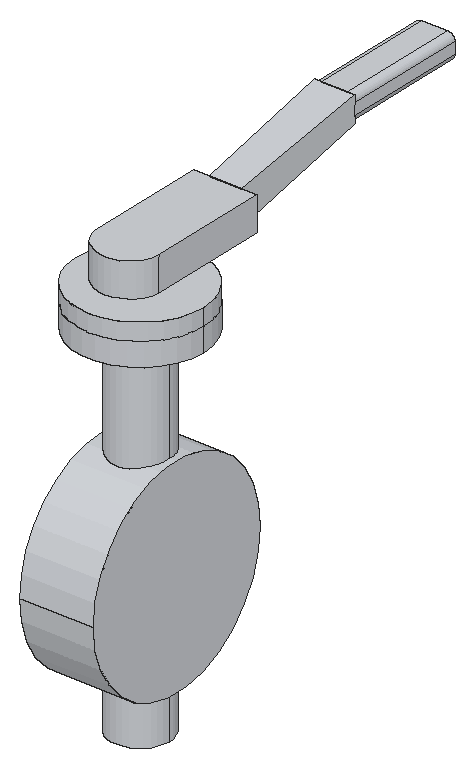
Revit family "HS497-68_disk-nerez_s pákou DN100-RFA_2018", category Pipe Accessories, Revit 2018
Family settings
  Round Connector Dimension = Use Diameter
  Part Type = Valve - Breaks Into
  Work Plane-Based = No
  Always vertical = Yes
  Cut with Voids When Loaded = No
  Shared = No
Parameters (values of type "HS 497-68_DN100_PN16_s pákou")
  magiProductId = "28172f0b3f4b47b28323ac71cf8749"
  magiProductFamilyId = "53cea81e6f374d17b8841d9c72ad77"
  magiPartTypeId = 305
  isMeasuringValve [instance] = no
  ang2D [instance] = 0.00°
  X11 = 61.456 mm
  X1 = 25.456 mm
  W2D = 1000 mm
  VersionID = "2.0/2017.9.26.1/ZETKAMA_497_001"
  Use Minimum Symbol Size [instance] = yes
  URL = "http://www.hydronic.cz"
  Type Comments = "mezipřírubová; nerezový disk; PN16; -10~+110°C (krátkodobě +120°C)"
  SW30 = no
  SW3 = no
  SW21 = no
  SW20 = yes
  SW2 = yes
  SW1 = no
  R = 50 mm
  QmdConnectorList = "301;D;302;D"
  Productdata [instance] = ""
  NC = 50 mm
  Manufacturer = "Hydronic Systems Prague s.r.o."
  MM20 = 25.456 mm
  MC Product Code = "121 100 (nerezový disk, s pákou; DN100; PN16, kvs512)"
  M41 = 66 mm
  M4 = 44 mm
  LHL = 260 mm
  LHH3 = 3 mm
  LHH1 = 57 mm
  LH1 = 86.667 mm
  L4R__ve = -L4R  # -12.8 mm
  L4R = 12.8 mm
  L42__ve = -L42  # -96 mm
  L42 = 96 mm
  L41__ve = -L41  # -19.2 mm
  L41 = 19.2 mm
  L2D_Min = 3048 mm
  L2D = 216 mm
  L2 = 26 mm
  L1 = 41.6 mm
  L = 52 mm
  H = 30 mm
  G22 = 11.25 mm
  G2 = 22.5 mm
  G1 = 90 mm
  G = 90 mm
  F = 11 mm
  E44 = 31.25 mm
  E42 = 62.5 mm
  E4 = 125 mm
  E23 = 6 mm
  E22 = 24 mm
  E21 = 12 mm
  Description = "Mezipřírubová uzavírací klapka s pákou; nerezový disk, DN100; PN16; kvs512"
  DR2 = 50 mm
  DR = 147 mm
  DD1 = 15.625 mm
  DD = 12.5 mm
  D = 100 mm
  CAT0 = yes
  B2__ve = -B2  # -56 mm
  B2 = 56 mm
  A2 = 16.5 mm
  A1 = 98.5 mm
Types (43, lengths in mm): name | magiProductId | X11 | X1 | Type Comments | SW30 | SW3 | SW20 | SW2 | SW1 | R | NC | Manufacturer | MM20 | MC Product Code | M41 | M4 | LHL | LHH3 | LHH1 | LH1 | L4R__ve | L4R | L42__ve | L42 | L41__ve | L41 | L2 | L1 | L | H | G | F | E44 | E42 | E4 | E23 | E22 | E21 | Description | DR2 | DR | DD1 | DD | D | B2__ve | B2 | A2 | A1
  HS 497-68_DN100_PN16_volné vřeteno | "65d1b245f4f142c78569c0602d5754" | 61.456 | 25.456 | "mezipřírubová; nerezový disk; PN16; -10~+110°C (krátkodobě +120°C)" | no | no | no | no | yes | 50 | 50 | "Hydronic Systems Prague s.r.o." | 25.456 | "124 100 (nerezový disk, s volným vřetenem; DN100; PN16, kvs512)" | 66 | 44 | 220 | 2.45 | 46.55 | 73.333 | -12.8 | 12.8 | -96 | 96 | -19.2 | 19.2 | 26 | 41.6 | 52 | 30 | 90 | 11 | 31.25 | 62.5 | 125 | 4.9 | 19.6 | 9.8 | "Mezipřírubová uzavírací klapka s volným vřetenem; nerezový disk, DN100; PN16; kvs512" | 50 | 147 | 15.625 | 12.5 | 100 | -56 | 56 | 16.5 | 98.5
  HS 497-68_DN100_PN16_převodové kolo | "11e91b807e674d428c8e796fcdcfe2" | 61.456 | 25.456 | "mezipřírubová; nerezový disk; PN16; -10~+110°C (krátkodobě +120°C)" | yes | yes | no | no | no | 50 | 50 | "Hydronic Systems Prague s.r.o." | 25.456 | "126 100 (nerezový disk, s převodovým kolem; DN100; PN16, kvs512)" | 65.25 | 43.5 | 220 | 2.45 | 46.55 | 73.333 | -12.8 | 12.8 | -96 | 96 | -19.2 | 19.2 | 26 | 41.6 | 52 | 30 | 90 | 11 | 31.25 | 62.5 | 125 | 4.9 | 19.6 | 9.8 | "Mezipřírubová uzavírací klapka s převodovým kolem; nerezový disk, DN100; PN16; kvs512" | 50 | 147 | 15.625 | 12.5 | 100 | -56 | 56 | 16.5 | 98.5
  HS 497-68_DN100_PN16_s pákou | "28172f0b3f4b47b28323ac71cf8749" | 61.456 | 25.456 | "mezipřírubová; nerezový disk; PN16; -10~+110°C (krátkodobě +120°C)" | no | no | yes | yes | no | 50 | 50 | "Hydronic Systems Prague s.r.o." | 25.456 | "121 100 (nerezový disk, s pákou; DN100; PN16, kvs512)" | 66 | 44 | 260 | 3 | 57 | 86.667 | -12.8 | 12.8 | -96 | 96 | -19.2 | 19.2 | 26 | 41.6 | 52 | 30 | 90 | 11 | 31.25 | 62.5 | 125 | 6 | 24 | 12 | "Mezipřírubová uzavírací klapka s pákou; nerezový disk, DN100; PN16; kvs512" | 50 | 147 | 15.625 | 12.5 | 100 | -56 | 56 | 16.5 | 98.5
  HS 497-68_DN125_PN16_volné vřeteno | "0d813d910fc14f628bb3c2efbd185c" | 61.456 | 25.456 | "mezipřírubová; nerezový disk; PN16; -10~+110°C (krátkodobě +120°C)" | no | no | no | no | yes | 62.5 | 50 | "Hydronic Systems Prague s.r.o." | 25.456 | "124 125 (nerezový disk, s volným vřetenem; DN125; PN16, kvs872)" | 66 | 44 | 220 | 2.45 | 46.55 | 73.333 | -12.8 | 12.8 | -96 | 96 | -19.2 | 19.2 | 28 | 44.8 | 56 | 33 | 90 | 14 | 31.25 | 62.5 | 125 | 4.9 | 19.6 | 9.8 | "Mezipřírubová uzavírací klapka s volným vřetenem; nerezový disk, DN125; PN16; kvs872" | 62.5 | 180 | 15.625 | 12.5 | 125 | -64 | 64 | 18 | 99.5
  HS 497-68_DN125_PN16_převodové kolo | "c56b7c13f372467684996fb1e0e229" | 61.456 | 25.456 | "mezipřírubová; nerezový disk; PN16; -10~+110°C (krátkodobě +120°C)" | yes | yes | no | no | no | 62.5 | 50 | "Hydronic Systems Prague s.r.o." | 25.456 | "126125 (nerezový disk, s převodovým kolem; DN125; PN16, kvs872)" | 65.25 | 43.5 | 220 | 2.45 | 46.55 | 73.333 | -13.5 | 13.5 | -101.25 | 101.25 | -20.25 | 20.25 | 28 | 44.8 | 56 | 33 | 90 | 14 | 40 | 80 | 160 | 4.9 | 19.6 | 9.8 | "Mezipřírubová uzavírací klapka s převodovým kolem; nerezový disk, DN125; PN16; kvs872" | 62.5 | 180 | 20 | 16 | 125 | -64 | 64 | 18 | 99.5
  HS 497-68_DN125_PN16_s pákou | "105993c79a91492399feef7931321a" | 61.456 | 25.456 | "mezipřírubová; nerezový disk; PN16; -10~+110°C (krátkodobě +120°C)" | no | no | yes | yes | no | 62.5 | 50 | "Hydronic Systems Prague s.r.o." | 25.456 | "121 125 (nerezový disk, s pákou; DN125; PN16, kvs872)" | 66 | 44 | 315 | 3.75 | 71.25 | 105 | -12.8 | 12.8 | -96 | 96 | -19.2 | 19.2 | 28 | 44.8 | 56 | 33 | 90 | 14 | 31.25 | 62.5 | 125 | 7.5 | 30 | 15 | "Mezipřírubová uzavírací klapka s pákou; nerezový disk, DN125; PN16; kvs872" | 62.5 | 180 | 15.625 | 12.5 | 125 | -64 | 64 | 18 | 99.5
  HS 497-68_DN150_PN16_volné vřeteno | "50c80cb8ab434f55ab7796e5ac1331" | 61.456 | 25.456 | "mezipřírubová; nerezový disk; PN16; -10~+110°C (krátkodobě +120°C)" | no | no | no | no | yes | 75 | 50 | "Hydronic Systems Prague s.r.o." | 25.456 | "124 150 (nerezový disk, s volným vřetenem; DN150; PN16, kvs1347)" | 66 | 44 | 220 | 2.45 | 46.55 | 73.333 | -12.8 | 12.8 | -96 | 96 | -19.2 | 19.2 | 28 | 44.8 | 56 | 33 | 90 | 14 | 31.25 | 62.5 | 125 | 4.9 | 19.6 | 9.8 | "Mezipřírubová uzavírací klapka s volným vřetenem; nerezový disk, DN150; PN16; kvs1347" | 75 | 206 | 15.625 | 12.5 | 150 | -58 | 58 | 19.3 | 98.7
  HS 497-68_DN150_PN16_převodové kolo | "d94a1a0cf83b476eb10011b327f709" | 61.456 | 25.456 | "mezipřírubová; nerezový disk; PN16; -10~+110°C (krátkodobě +120°C)" | yes | yes | no | no | no | 75 | 50 | "Hydronic Systems Prague s.r.o." | 25.456 | "126 150 (nerezový disk, s převodovým kolem; DN150; PN16, kvs1347)" | 65.25 | 43.5 | 220 | 2.45 | 46.55 | 73.333 | -13.5 | 13.5 | -101.25 | 101.25 | -20.25 | 20.25 | 28 | 44.8 | 56 | 33 | 90 | 14 | 40 | 80 | 160 | 4.9 | 19.6 | 9.8 | "Mezipřírubová uzavírací klapka s převodovým kolem; nerezový disk, DN150; PN16; kvs1347" | 75 | 206 | 20 | 16 | 150 | -58 | 58 | 19.3 | 98.7
  HS 497-68_DN150_PN16_s pákou | "4d2835523fe84828bc50ff0a5a0dfb" | 61.456 | 25.456 | "mezipřírubová; nerezový disk; PN16; -10~+110°C (krátkodobě +120°C)" | no | no | yes | yes | no | 75 | 50 | "Hydronic Systems Prague s.r.o." | 25.456 | "121 150 (nerezový disk, s pákou; DN150; PN16, kvs1347)" | 66 | 44 | 315 | 3.75 | 71.25 | 105 | -12.8 | 12.8 | -96 | 96 | -19.2 | 19.2 | 28 | 44.8 | 56 | 33 | 90 | 14 | 31.25 | 62.5 | 125 | 7.5 | 30 | 15 | "Mezipřírubová uzavírací klapka s pákou; nerezový disk, DN150; PN16; kvs1347" | 75 | 206 | 15.625 | 12.5 | 150 | -58 | 58 | 19.3 | 98.7
  HS 497-68_DN200_PN16_volné vřeteno | "5b29029eaeba47139ee1055a4b9201" | 61.456 | 25.456 | "mezipřírubová; nerezový disk; PN16; -10~+110°C (krátkodobě +120°C)" | no | no | no | no | yes | 100 | 50 | "Hydronic Systems Prague s.r.o." | 25.456 | "124 200 (nerezový disk, s volným vřetenem; DN200; PN16, kvs2675)" | 66 | 44 | 220 | 2.45 | 46.55 | 73.333 | -12.8 | 12.8 | -96 | 96 | -19.2 | 19.2 | 30 | 48 | 60 | 33 | 90 | 17 | 31.25 | 62.5 | 125 | 4.9 | 19.6 | 9.8 | "Mezipřírubová uzavírací klapka s volným vřetenem; nerezový disk, DN200; PN16; kvs2675" | 100 | 257 | 15.625 | 12.5 | 200 | -70 | 70 | 22.5 | 102.5
  HS 497-68_DN200_PN16_převodové kolo | "b2793cc1fcc44cf2a35062cd67c04f" | 61.456 | 25.456 | "mezipřírubová; nerezový disk; PN16; -10~+110°C (krátkodobě +120°C)" | yes | yes | no | no | no | 100 | 57 | "Hydronic Systems Prague s.r.o." | 25.456 | "126 200 (nerezový disk, s převodovým kolem; DN200; PN16, kvs2675)" | 78.75 | 52.5 | 220 | 2.45 | 46.55 | 73.333 | -15.2 | 15.2 | -114 | 114 | -22.8 | 22.8 | 30 | 48 | 60 | 33 | 90 | 17 | 50 | 100 | 200 | 4.9 | 19.6 | 9.8 | "Mezipřírubová uzavírací klapka s převodovým kolem; nerezový disk, DN200; PN16; kvs2675" | 100 | 257 | 25 | 20 | 200 | -70 | 70 | 22.5 | 102.5
  HS 497-68_DN200_PN16_s pákou | "f88d96c7af224537a51e72d7d8fffe" | 61.456 | 25.456 | "mezipřírubová; nerezový disk; PN16; -10~+110°C (krátkodobě +120°C)" | no | no | yes | yes | no | 100 | 50 | "Hydronic Systems Prague s.r.o." | 25.456 | "121 200 (nerezový disk, s pákou; DN200; PN16, kvs2675)" | 66 | 44 | 315 | 3.75 | 71.25 | 105 | -12.8 | 12.8 | -96 | 96 | -19.2 | 19.2 | 30 | 48 | 60 | 33 | 90 | 17 | 31.25 | 62.5 | 125 | 7.5 | 30 | 15 | "Mezipřírubová uzavírací klapka s pákou; nerezový disk, DN200; PN16; kvs2675" | 100 | 257 | 15.625 | 12.5 | 200 | -70 | 70 | 22.5 | 102.5
  HS 497-68_DN250_PN16_volné vřeteno | "b662e8305ca2402b9c510e66e6aa55" | 88.77 | 36.77 | "mezipřírubová; nerezový disk; PN16; -10~+110°C (krátkodobě +120°C)" | no | no | no | no | yes | 125 | 50 | "Hydronic Systems Prague s.r.o." | 36.77 | "124 250 (nerezový disk, s volným vřetenem; DN250; PN16, kvs4555)" | 66 | 44 | 220 | 2.45 | 46.55 | 73.333 | -12.8 | 12.8 | -96 | 96 | -19.2 | 19.2 | 34 | 54.4 | 68 | 23 | 130 | 22 | 31.25 | 62.5 | 125 | 4.9 | 19.6 | 9.8 | "Mezipřírubová uzavírací klapka s volným vřetenem; nerezový disk, DN250; PN16; kvs4555" | 125 | 324 | 15.625 | 12.5 | 250 | -85 | 85 | 28.25 | 129.25
  HS 497-68_DN250_PN16_převodové kolo | "5ee9016806664ddfaa2632711f295c" | 88.77 | 36.77 | "mezipřírubová; nerezový disk; PN16; -10~+110°C (krátkodobě +120°C)" | yes | yes | no | no | no | 125 | 70 | "Hydronic Systems Prague s.r.o." | 36.77 | "126 250 (nerezový disk, s převodovým kolem; DN250; PN16, kvs4555)" | 91.5 | 61 | 220 | 2.45 | 46.55 | 73.333 | -22.2 | 22.2 | -166.5 | 166.5 | -33.3 | 33.3 | 34 | 54.4 | 68 | 23 | 130 | 22 | 62.5 | 125 | 250 | 4.9 | 19.6 | 9.8 | "Mezipřírubová uzavírací klapka s převodovým kolem; nerezový disk, DN250; PN16; kvs4555" | 125 | 324 | 31.25 | 25 | 250 | -85 | 85 | 28.25 | 129.25
  HS 497-68_DN300_PN16_volné vřeteno | "e1886f51ff004380a649519258edf2" | 88.77 | 36.77 | "mezipřírubová; nerezový disk; PN16; -10~+110°C (krátkodobě +120°C)" | no | no | no | no | yes | 150 | 50 | "Hydronic Systems Prague s.r.o." | 36.77 | "124 300 (nerezový disk, s volným vřetenem; DN300; PN16, kvs7037)" | 66 | 44 | 220 | 2.45 | 46.55 | 73.333 | -12.8 | 12.8 | -96 | 96 | -19.2 | 19.2 | 39 | 62.4 | 78 | 23 | 130 | 22 | 31.25 | 62.5 | 125 | 4.9 | 19.6 | 9.8 | "Mezipřírubová uzavírací klapka s volným vřetenem; nerezový disk, DN300; PN16; kvs7037" | 150 | 376 | 15.625 | 12.5 | 300 | -90 | 90 | 30.8 | 127.2
  HS 497-68_DN300_PN16_převodové kolo | "6860f094f77d42088fbebc3c97f755" | 88.77 | 36.77 | "mezipřírubová; nerezový disk; PN16; -10~+110°C (krátkodobě +120°C)" | yes | yes | no | no | no | 150 | 70 | "Hydronic Systems Prague s.r.o." | 36.77 | "126 300 (nerezový disk, s převodovým kolem; DN300; PN16, kvs7037)" | 91.5 | 61 | 220 | 2.45 | 46.55 | 73.333 | -22.2 | 22.2 | -166.5 | 166.5 | -33.3 | 33.3 | 39 | 62.4 | 78 | 23 | 130 | 22 | 62.5 | 125 | 250 | 4.9 | 19.6 | 9.8 | "Mezipřírubová uzavírací klapka s převodovým kolem; nerezový disk, DN300; PN16; kvs7037" | 150 | 376 | 31.25 | 25 | 300 | -90 | 90 | 30.8 | 127.2
  HS 497-68_DN032_PN16_volné vřeteno | "8c5f65de52aa4067a77564107e31b2" | 61.456 | 25.456 | "mezipřírubová; nerezový disk; PN16; -10~+110°C (krátkodobě +120°C)" | no | no | no | no | yes | 16 | 50 | "Hydronic Systems Prague s.r.o." | 25.456 | "124 032 (nerezový disk, s volným vřetenem; DN32; PN16, kvs78)" | 66 | 44 | 220 | 2.45 | 46.55 | 73.333 | -12.8 | 12.8 | -96 | 96 | -19.2 | 19.2 | 16.5 | 26.4 | 33 | 30 | 90 | 11 | 31.25 | 62.5 | 125 | 4.9 | 19.6 | 9.8 | "Mezipřírubová uzavírací klapka s volným vřetenem; nerezový disk, DN32; PN16; kvs78" | 16 | 68 | 15.625 | 12.5 | 32 | -44.2 | 44.2 | 10.25 | 76.25
  HS 497-68_DN032_PN16_převodové kolo | "60aaeffa8b3a4e809ef000e4660060" | 61.456 | 25.456 | "mezipřírubová; nerezový disk; PN16; -10~+110°C (krátkodobě +120°C)" | yes | yes | no | no | no | 16 | 50 | "Hydronic Systems Prague s.r.o." | 25.456 | "126 032 (nerezový disk, s převodovým kolem; DN32; PN16, kvs78)" | 65.25 | 43.5 | 220 | 2.45 | 46.55 | 73.333 | -12.8 | 12.8 | -96 | 96 | -19.2 | 19.2 | 16.5 | 26.4 | 33 | 30 | 90 | 11 | 31.25 | 62.5 | 125 | 4.9 | 19.6 | 9.8 | "Mezipřírubová uzavírací klapka s převodovým kolem; nerezový disk, DN32; PN16; kvs78" | 16 | 68 | 15.625 | 12.5 | 32 | -44.2 | 44.2 | 10.25 | 76.25
  HS 497-68_DN032_PN16_s pákou | "9ad8088d610749a1b871aa2aad8007" | 61.456 | 25.456 | "mezipřírubová; nerezový disk; PN16; -10~+110°C (krátkodobě +120°C)" | no | no | yes | yes | no | 16 | 50 | "Hydronic Systems Prague s.r.o." | 25.456 | "121 032 (nerezový disk, s pákou; DN32; PN16, kvs78)" | 66 | 44 | 220 | 2.45 | 46.55 | 73.333 | -12.8 | 12.8 | -96 | 96 | -19.2 | 19.2 | 16.5 | 26.4 | 33 | 30 | 90 | 11 | 31.25 | 62.5 | 125 | 4.9 | 19.6 | 9.8 | "Mezipřírubová uzavírací klapka s pákou; nerezový disk, DN32; PN16; kvs78" | 16 | 68 | 15.625 | 12.5 | 32 | -44.2 | 44.2 | 10.25 | 76.25
  HS 497-68_DN350_PN10_volné vřeteno | "72a1e05f22944421b7e9596a877137" | 109.255 | 45.255 | "mezipřírubová; nerezový disk; PN10; -10~+110°C (krátkodobě +120°C)" | no | no | no | no | yes | 175 | 50 | "Hydronic Systems Prague s.r.o." | 45.255 | "124 350 (nerezový disk, s volným vřetenem; DN350; PN10, kvs10165)" | 66 | 44 | 220 | 2.45 | 46.55 | 73.333 | -12.8 | 12.8 | -96 | 96 | -19.2 | 19.2 | 39 | 62.4 | 78 | 31 | 160 | 22 | 31.25 | 62.5 | 125 | 4.9 | 19.6 | 9.8 | "Mezipřírubová uzavírací klapka s volným vřetenem; nerezový disk, DN350; PN10; kvs10165" | 175 | 430 | 15.625 | 12.5 | 350 | -88 | 88 | 33.85 | 129.65
  HS 497-68_DN350_PN10_převodové kolo | "a5a01426cb28494ba3afca92f1dace" | 109.255 | 45.255 | "mezipřírubová; nerezový disk; PN10; -10~+110°C (krátkodobě +120°C)" | yes | yes | no | no | no | 175 | 70 | "Hydronic Systems Prague s.r.o." | 45.255 | "126 350 (nerezový disk, s převodovým kolem; DN350; PN10, kvs10165)" | 91.5 | 61 | 220 | 2.45 | 46.55 | 73.333 | -22.2 | 22.2 | -166.5 | 166.5 | -33.3 | 33.3 | 39 | 62.4 | 78 | 31 | 160 | 22 | 62.5 | 125 | 250 | 4.9 | 19.6 | 9.8 | "Mezipřírubová uzavírací klapka s převodovým kolem; nerezový disk, DN350; PN10; kvs10165" | 175 | 430 | 31.25 | 25 | 350 | -88 | 88 | 33.85 | 129.65
  HS 497-68_DN400_PN10_volné vřeteno | "c70ebeb927c04ab99b176e257ad0a7" | 109.255 | 45.255 | "mezipřírubová; nerezový disk; PN10; -10~+110°C (krátkodobě +120°C)" | no | no | no | no | yes | 200 | 50 | "Hydronic Systems Prague s.r.o." | 45.255 | "124 400 (nerezový disk, s volným vřetenem; DN400; PN10, kvs13799)" | 66 | 44 | 220 | 2.45 | 46.55 | 73.333 | -12.8 | 12.8 | -96 | 96 | -19.2 | 19.2 | 51 | 81.6 | 102 | 31 | 160 | 27 | 31.25 | 62.5 | 125 | 4.9 | 19.6 | 9.8 | "Mezipřírubová uzavírací klapka s volným vřetenem; nerezový disk, DN400; PN10; kvs13799" | 200 | 485 | 15.625 | 12.5 | 400 | -108 | 108 | 38 | 142
  HS 497-68_DN400_PN10_převodové kolo | "cc64a4384dcb41b780d81810f4f293" | 109.255 | 45.255 | "mezipřírubová; nerezový disk; PN10; -10~+110°C (krátkodobě +120°C)" | yes | yes | no | no | no | 200 | 72.5 | "Hydronic Systems Prague s.r.o." | 45.255 | "126 400 (nerezový disk, s převodovým kolem; DN400; PN10, kvs13799)" | 103.5 | 69 | 220 | 2.45 | 46.55 | 73.333 | -27.8 | 27.8 | -208.5 | 208.5 | -41.7 | 41.7 | 51 | 81.6 | 102 | 31 | 160 | 27 | 75 | 150 | 300 | 4.9 | 19.6 | 9.8 | "Mezipřírubová uzavírací klapka s převodovým kolem; nerezový disk, DN400; PN10; kvs13799" | 200 | 485 | 37.5 | 30 | 400 | -108 | 108 | 38 | 142
  HS 497-68_DN040_PN16_volné vřeteno | "35f92312390745e88df5b5c325d9ee" | 61.456 | 25.456 | "mezipřírubová; nerezový disk; PN16; -10~+110°C (krátkodobě +120°C)" | no | no | no | no | yes | 20 | 50 | "Hydronic Systems Prague s.r.o." | 25.456 | "124 040 (nerezový disk, s volným vřetenem; DN40; PN16, kvs78)" | 66 | 44 | 220 | 2.45 | 46.55 | 73.333 | -12.8 | 12.8 | -96 | 96 | -19.2 | 19.2 | 16.5 | 26.4 | 33 | 30 | 90 | 11 | 31.25 | 62.5 | 125 | 4.9 | 19.6 | 9.8 | "Mezipřírubová uzavírací klapka s volným vřetenem; nerezový disk, DN40; PN16; kvs78" | 20 | 76 | 15.625 | 12.5 | 40 | -36 | 36 | 11 | 79
  HS 497-68_DN040_PN16_převodové kolo | "d88e968eae3445bc9b7b4e6ff35127" | 61.456 | 25.456 | "mezipřírubová; nerezový disk; PN16; -10~+110°C (krátkodobě +120°C)" | yes | yes | no | no | no | 20 | 50 | "Hydronic Systems Prague s.r.o." | 25.456 | "126 040 (nerezový disk, s převodovým kolem; DN40; PN16, kvs78)" | 65.25 | 43.5 | 220 | 2.45 | 46.55 | 73.333 | -12.8 | 12.8 | -96 | 96 | -19.2 | 19.2 | 16.5 | 26.4 | 33 | 30 | 90 | 11 | 31.25 | 62.5 | 125 | 4.9 | 19.6 | 9.8 | "Mezipřírubová uzavírací klapka s převodovým kolem; nerezový disk, DN40; PN16; kvs78" | 20 | 76 | 15.625 | 12.5 | 40 | -36 | 36 | 11 | 79
  HS 497-68_DN040_PN16_s pákou | "c1b522ca65b4407a98818f232eaacb" | 61.456 | 25.456 | "mezipřírubová; nerezový disk; PN16; -10~+110°C (krátkodobě +120°C)" | no | no | yes | yes | no | 20 | 50 | "Hydronic Systems Prague s.r.o." | 25.456 | "121 040 (nerezový disk, s pákou; DN40; PN16, kvs78)" | 66 | 44 | 220 | 2.45 | 46.55 | 73.333 | -12.8 | 12.8 | -96 | 96 | -19.2 | 19.2 | 16.5 | 26.4 | 33 | 30 | 90 | 11 | 31.25 | 62.5 | 125 | 4.9 | 19.6 | 9.8 | "Mezipřírubová uzavírací klapka s pákou; nerezový disk, DN40; PN16; kvs78" | 20 | 76 | 15.625 | 12.5 | 40 | -36 | 36 | 11 | 79
  HS 497-68_DN450_PN10_volné vřeteno | "a8358bc282f14872b3194e530e590a" | 129.74 | 53.74 | "mezipřírubová; nerezový disk; PN10; -10~+110°C (krátkodobě +120°C)" | no | no | no | no | yes | 225 | 50 | "Hydronic Systems Prague s.r.o." | 53.74 | "124 450 (nerezový disk, s volným vřetenem; DN450; PN10, kvs18514)" | 66 | 44 | 220 | 2.45 | 46.55 | 73.333 | -12.8 | 12.8 | -96 | 96 | -19.2 | 19.2 | 57 | 91.2 | 114 | 38 | 190 | 36 | 31.25 | 62.5 | 125 | 4.9 | 19.6 | 9.8 | "Mezipřírubová uzavírací klapka s volným vřetenem; nerezový, DN450; PN10; kvs18514" | 225 | 536 | 15.625 | 12.5 | 450 | -115 | 115 | 38.05 | 117.45
  HS 497-68_DN450_PN10_převodové kolo | "cdf2d80f54a9414f9cbe50647c0ebd" | 129.74 | 53.74 | "mezipřírubová; nerezový disk; PN10; -10~+110°C (krátkodobě +120°C)" | yes | yes | no | no | no | 225 | 91.5 | "Zetkama" | 53.74 | "126 450 (nerezový disk, s převodovým kolem; DN450; PN10, kvs18514)" | 144.75 | 96.5 | 220 | 2.45 | 46.55 | 73.333 | -32.1 | 32.1 | -240.75 | 240.75 | -48.15 | 48.15 | 57 | 91.2 | 114 | 38 | 190 | 36 | 100 | 200 | 400 | 4.9 | 19.6 | 9.8 | "Mezipřírubová uzavírací klapka s převodovým kolem; nerezový disk, DN450; PN10; kvs18514" | 225 | 536 | 50 | 40 | 450 | -115 | 115 | 38.05 | 117.45
  HS 497-68_DN500_PN10_volné vřeteno | "8c396e27bb2743f98f3c762b6517cd" | 143.397 | 59.397 | "mezipřírubová; nerezový disk; PN10; -10~+110°C (krátkodobě +120°C)" | no | no | no | no | yes | 250 | 50 | "Hydronic Systems Prague s.r.o." | 59.397 | "124 500 (nerezový disk, s volným vřetenem; DN500; PN10, kvs23805)" | 66 | 44 | 220 | 2.45 | 46.55 | 73.333 | -12.8 | 12.8 | -96 | 96 | -19.2 | 19.2 | 63.5 | 101.6 | 127 | 38 | 210 | 36 | 31.25 | 62.5 | 125 | 4.9 | 19.6 | 9.8 | "Mezipřírubová uzavírací klapka s volným vřetenem; nerezový disk, DN500; PN10; kvs23805" | 250 | 593 | 15.625 | 12.5 | 500 | -130 | 130 | 43.25 | 139.25
  HS 497-68_DN500_PN10_převodové kolo | "7647804f32e94cef828a7034a91a46" | 143.397 | 59.397 | "mezipřírubová; nerezový disk; PN10; -10~+110°C (krátkodobě +120°C)" | yes | yes | no | no | no | 250 | 91.5 | "Zetkama" | 59.397 | "126 500 (nerezový disk, s převodovým kolem; DN500; PN10, kvs23805)" | 144.75 | 96.5 | 220 | 2.45 | 46.55 | 73.333 | -32.1 | 32.1 | -240.75 | 240.75 | -48.15 | 48.15 | 63.5 | 101.6 | 127 | 38 | 210 | 36 | 100 | 200 | 400 | 4.9 | 19.6 | 9.8 | "Mezipřírubová uzavírací klapka s převodovým kolem; nerezový disk, DN500; PN10; kvs23805" | 250 | 593 | 50 | 40 | 500 | -130 | 130 | 43.25 | 139.25
  HS 497-68_DN050_volné vřeteno | "d71f296ecd6d4adf8f6e5d9853b4e0" | 61.456 | 25.456 | "mezipřírubová; nerezový disk; PN16; -10~+110°C (krátkodobě +120°C)" | no | no | no | no | yes | 25 | 50 | "Hydronic Systems Prague s.r.o." | 25.456 | "124 050 (nerezový disk, s volným vřetenem; DN50; PN16, kvs98)" | 66 | 44 | 220 | 2.45 | 46.55 | 73.333 | -12.8 | 12.8 | -96 | 96 | -19.2 | 19.2 | 21.5 | 34.4 | 43 | 30 | 90 | 11 | 31.25 | 62.5 | 125 | 4.9 | 19.6 | 9.8 | "Mezipřírubová uzavírací klapka s volným vřetenem; nerezový disk, DN50; PN16; kvs98" | 25 | 100 | 15.625 | 12.5 | 50 | -36.5 | 36.5 | 12 | 83
  HS 497-68_DN050_PN16_převodové kolo | "2fb080deeaed49c58418b94c1da5a4" | 61.456 | 25.456 | "mezipřírubová; nerezový disk; PN16; -10~+110°C (krátkodobě +120°C)" | yes | yes | no | no | no | 25 | 50 | "Hydronic Systems Prague s.r.o." | 25.456 | "126 050 (nerezový disk, s převodovým kolem; DN50; PN16, kvs98)" | 65.25 | 43.5 | 220 | 2.45 | 46.55 | 73.333 | -12.8 | 12.8 | -96 | 96 | -19.2 | 19.2 | 21.5 | 34.4 | 43 | 30 | 90 | 11 | 31.25 | 62.5 | 125 | 4.9 | 19.6 | 9.8 | "Mezipřírubová uzavírací klapka s převodovým kolem; nerezový disk, DN50; PN16; kvs98" | 25 | 100 | 15.625 | 12.5 | 50 | -36.5 | 36.5 | 12 | 83
  HS 497-68_DN050_PN16_s pákou | "dabc632061f94877a994b9b4e68112" | 61.456 | 25.456 | "mezipřírubová; nerezový disk; PN16; -10~+110°C (krátkodobě +120°C)" | no | no | yes | yes | no | 25 | 50 | "Hydronic Systems Prague s.r.o." | 25.456 | "121 050 (nerezový disk, s pákou; DN50; PN16, kvs98)" | 66 | 44 | 220 | 2.45 | 46.55 | 73.333 | -12.8 | 12.8 | -96 | 96 | -19.2 | 19.2 | 21.5 | 34.4 | 43 | 30 | 90 | 11 | 31.25 | 62.5 | 125 | 4.9 | 19.6 | 9.8 | "Mezipřírubová uzavírací klapka s pákou; nerezový disk, DN50; PN16; kvs98" | 25 | 100 | 15.625 | 12.5 | 50 | -36.5 | 36.5 | 12 | 83
  HS 497-68_DN600_PN10_volné vřeteno | "99d5892c14664fce81a7c5903f7711" | 143.397 | 59.397 | "mezipřírubová; nerezový disk; PN10; -10~+110°C (krátkodobě +120°C)" | no | no | no | no | yes | 300 | 50 | "Hydronic Systems Prague s.r.o." | 59.397 | "124 600 (nerezový disk, s volným vřetenem; DN600; PN10, kvs36778)" | 66 | 44 | 220 | 2.45 | 46.55 | 73.333 | -12.8 | 12.8 | -96 | 96 | -19.2 | 19.2 | 77 | 123.2 | 154 | 80 | 210 | 60 | 31.25 | 62.5 | 125 | 4.9 | 19.6 | 9.8 | "Mezipřírubová uzavírací klapka s volným vřetenem; nerezový disk, DN600; PN10; kvs36788" | 300 | 690 | 15.625 | 12.5 | 600 | -140 | 140 | 49.4 | 144.6
  HS 497-68_DN600_PN10_převodové kolo | "b1e26faab48a4c499f6bb11e7e3002" | 143.397 | 59.397 | "mezipřírubová; lnerezový disk; PN10; -10~+110°C (krátkodobě +120°C)" | yes | yes | no | no | no | 300 | 140 | "Hydronic Systems Prague s.r.o." | 59.397 | "126 600 (nerezový disk, s převodovým kolem; DN600; PN10, kvs36778)" | 206.25 | 137.5 | 220 | 2.45 | 46.55 | 73.333 | -40.8 | 40.8 | -306 | 306 | -61.2 | 61.2 | 77 | 123.2 | 154 | 80 | 210 | 60 | 125 | 250 | 500 | 4.9 | 19.6 | 9.8 | "Mezipřírubová uzavírací klapka s převodovým kolem; nerezový disk, DN600; PN10; kvs36788" | 300 | 690 | 62.5 | 50 | 600 | -140 | 140 | 49.4 | 144.6
  HS 497-68_DN065_PN16_volné vřeteno | "5e5e208646e34ec29f889baab5d08e" | 61.456 | 25.456 | "mezipřírubová; lnerezový disk; PN16; -10~+110°C (krátkodobě +120°C)" | no | no | no | no | yes | 32.5 | 50 | "Hydronic Systems Prague s.r.o." | 25.456 | "124 065 (nerezový disk, s volným vřetenem; DN65; PN16, kvs167)" | 66 | 44 | 220 | 2.45 | 46.55 | 73.333 | -12.8 | 12.8 | -96 | 96 | -19.2 | 19.2 | 23 | 36.8 | 46 | 30 | 90 | 11 | 31.25 | 62.5 | 125 | 4.9 | 19.6 | 9.8 | "Mezipřírubová uzavírací klapka s volným vřetenem; nerezový disk, DN65; PN16; kv167" | 32.5 | 108 | 15.625 | 12.5 | 65 | -36.5 | 36.5 | 13.5 | 89
  HS 497-68_DN065_PN16_převodové kolo | "654d74c8d15540b0bfe523d988ccb3" | 61.456 | 25.456 | "mezipřírubová; nerezový disk; PN16; -10~+110°C (krátkodobě +120°C)" | yes | yes | no | no | no | 32.5 | 50 | "Hydronic Systems Prague s.r.o." | 25.456 | "126 065 (nerezový disk, s převodovým kolem; DN65; PN16, kvs167)" | 65.25 | 43.5 | 220 | 2.45 | 46.55 | 73.333 | -12.8 | 12.8 | -96 | 96 | -19.2 | 19.2 | 23 | 36.8 | 46 | 30 | 90 | 11 | 31.25 | 62.5 | 125 | 4.9 | 19.6 | 9.8 | "Mezipřírubová uzavírací klapka s převodovým kolem; nerezový disk, DN65; PN16; kvs167" | 32.5 | 108 | 15.625 | 12.5 | 65 | -36.5 | 36.5 | 13.5 | 89
  HS 497-68_DN065_PN16_s pákou | "ebeb4b59db0641caaf6d6635ab37b9" | 61.456 | 25.456 | "mezipřírubová; nerezový disk; PN16; -10~+110°C (krátkodobě +120°C)" | no | no | yes | yes | no | 32.5 | 50 | "Hydronic Systems Prague s.r.o." | 25.456 | "121 065 (nerezový disk, s pákou; DN65; PN16, kvs167)" | 66 | 44 | 220 | 2.45 | 46.55 | 73.333 | -12.8 | 12.8 | -96 | 96 | -19.2 | 19.2 | 23 | 36.8 | 46 | 30 | 90 | 11 | 31.25 | 62.5 | 125 | 4.9 | 19.6 | 9.8 | "Mezipřírubová uzavírací klapka s pákou; nerezový disk, DN65; PN16; kvs167" | 32.5 | 108 | 15.625 | 12.5 | 65 | -36.5 | 36.5 | 13.5 | 89
  HS 497-68_DN080_PN16_volné vřeteno | "9e85c75c18654e1185a9c48ed6b00e" | 61.456 | 25.456 | "mezipřírubová; nerezový disk; PN16; -10~+110°C (krátkodobě +120°C)" | no | no | no | no | yes | 40 | 50 | "Hydronic Systems Prague s.r.o." | 25.456 | "124 080 (nerezový disk, s volným vřetenem; DN80; PN16, kvs258)" | 66 | 44 | 220 | 2.45 | 46.55 | 73.333 | -12.8 | 12.8 | -96 | 96 | -19.2 | 19.2 | 23 | 36.8 | 46 | 30 | 90 | 11 | 31.25 | 62.5 | 125 | 4.9 | 19.6 | 9.8 | "Mezipřírubová uzavírací klapka s volným vřetenem; nerezový disk, DN80; PN16; kvs258" | 40 | 124 | 15.625 | 12.5 | 80 | -54 | 54 | 14.1 | 86.9
  HS 497-68_DN080_PN16_převodové kolo | "5b3c8238c3d041e68c75b199e7ea46" | 61.456 | 25.456 | "mezipřírubová; nerezový disk; PN16; -10~+110°C (krátkodobě +120°C)" | yes | yes | no | no | no | 40 | 50 | "Hydronic Systems Prague s.r.o." | 25.456 | "126 080 (nerezový disk, s převodovým kolem; DN80; PN16, kvs258)" | 65.25 | 43.5 | 220 | 2.45 | 46.55 | 73.333 | -12.8 | 12.8 | -96 | 96 | -19.2 | 19.2 | 23 | 36.8 | 46 | 30 | 90 | 11 | 31.25 | 62.5 | 125 | 4.9 | 19.6 | 9.8 | "Mezipřírubová uzavírací klapka s převodovým kolem; nerezový disk, DN80; PN16; kvs258" | 40 | 124 | 15.625 | 12.5 | 80 | -54 | 54 | 14.1 | 86.9
  HS 497-68_DN080_PN16_s pákou | "e414795fab0f4eccb99bc3572c5477" | 61.456 | 25.456 | "mezipřírubová; nerezový disk; PN16; -10~+110°C (krátkodobě +120°C)" | no | no | yes | yes | no | 40 | 50 | "Hydronic Systems Prague s.r.o." | 25.456 | "121 080 (nerezový disk, s pákou; DN80; PN16, kvs258)" | 66 | 44 | 260 | 3 | 57 | 86.667 | -12.8 | 12.8 | -96 | 96 | -19.2 | 19.2 | 23 | 36.8 | 46 | 30 | 90 | 11 | 31.25 | 62.5 | 125 | 6 | 24 | 12 | "Mezipřírubová uzavírací klapka s pákou; nerezový disk, DN80; PN16; kvs258" | 40 | 124 | 15.625 | 12.5 | 80 | -54 | 54 | 14.1 | 86.9
  HS 497-68_DN250_PN16_s pákou | "" | 88.77 | 36.77 | "mezipřírubová; nerezový disk; PN16; -10~+110°C (krátkodobě +120°C)" | no | no | yes | yes | no | 125 | 70 | "Hydronic Systems Prague s.r.o." | 36.77 | "121 250 (nerezový disk, s ákou; DN250; PN16, kvs4555)" | 91.5 | 61 | 220 | 2.45 | 46.55 | 73.333 | -22.2 | 22.2 | -166.5 | 166.5 | -33.3 | 33.3 | 34 | 54.4 | 68 | 23 | 130 | 22 | 62.5 | 125 | 250 | 4.9 | 19.6 | 9.8 | "Mezipřírubová uzavírací klapka s pákou; nerezový disk, DN250; PN16; kvs4555" | 125 | 324 | 31.25 | 25 | 250 | -85 | 85 | 28.25 | 129.25
  HS 497-68_DN300_PN16_s pákou | "" | 88.77 | 36.77 | "mezipřírubová; nerezový disk; PN16; -10~+110°C (krátkodobě +120°C)" | no | no | yes | yes | no | 150 | 70 | "Hydronic Systems Prague s.r.o." | 36.77 | "121 300 (nerezový disk, s pákou; DN300; PN16, kvs7037)" | 91.5 | 61 | 220 | 2.45 | 46.55 | 73.333 | -22.2 | 22.2 | -166.5 | 166.5 | -33.3 | 33.3 | 39 | 62.4 | 78 | 23 | 130 | 22 | 62.5 | 125 | 250 | 4.9 | 19.6 | 9.8 | "Mezipřírubová uzavírací klapka s pákou; nerezový disk, DN300; PN16; kvs7037" | 150 | 376 | 31.25 | 25 | 300 | -90 | 90 | 30.8 | 127.2
Reference planes
  plane 1 "Center (Front/Back)": y = 0
  plane 2 "XYPLANE": z = 0
  plane 3 "Center (Left/Right)": x = 0
  plane 4 "473": x = -25.456
  plane 5 "472": x = -66
  plane 6 "471": y = -25.456
  plane 7 "470": y = 25.456
  plane 8 "469": x = -44
  plane 9 "468": y = -115.2
  plane 10 "467": y = -96
  plane 11 "466": z = 196.25
  plane 12 "465": z = 222
  plane 13 "464": y = 172.083
  plane 14 "463": z = 210
  plane 15 "462": z = 189
  plane 16 "461": z = 201
  plane 17 "460": y = 85.417
  plane 18 "459": x = -11.25
  plane 19 "458": x = 11.25
  plane 20 "457": y = -6.25
  plane 21 "456": x = -17.5
  plane 22 "455": x = 17.5
  plane 23 "454": z = 207
  plane 24 "453": y = 75.417
  plane 25 "452": y = -11.25
  plane 26 "451": x = -22.5
  plane 27 "450": x = 22.5
  plane 28 "449": z = 183
  plane 29 "448": z = 177
  plane 30 "447": z = -50
  plane 31 "446": z = 165
  plane 32 "445": z = 148.5
  plane 33 "444": z = 50
  plane 34 "443": x = 26
  plane 35 "442": x = -26
  plane 36 "441": z = 0
  plane 37 "440": y = 0
  plane 38 "439": x = 0
  plane 39 "438": z = 225
  plane 40 "437": z = 207
  plane 41 "436": x = 14.25
  plane 42 "435": x = -14.25
  plane 43 "434": y = 260
Forms (mm)
  Extrusion 1, solid, visible <- "SW3"
    sketch origin (-750, 0, 165) x (1, 0, 0) y (0, 1, 0)
      loop
        line (684, 25.456) -> (684, -25.456) -> (724.544, -25.456)
        arc (724.544, -25.456) -> (786, 0) -> (724.544, 25.456) r 36
        line (724.544, 25.456) -> (684, 25.456)
    from 0 to 62.5 <- "E42"
  Extrusion 2, solid, visible <- "SW30"
    sketch origin (0, -750, 0) x (0, 1, 0) y (0, 0, 1)
      loop
        circle (750, 196.25) r 7.813
    from 0 to 50 <- "NC"
  Extrusion 3, solid, visible <- "SW30"
    sketch origin (750, -115.2, 0) x (-1, 0, 0) y (0, 0, 1)
      loop
        circle (794, 196.25) r 62.5
    from 0 to -12.8 <- "L4R__ve"
  Extrusion 4, solid, visible <- "SW3"
    sketch origin (750, -96, 0) x (-1, 0, 0) y (0, 0, 1)
      loop
        circle (794, 196.25) r 7.813
    from 0 to -19.2 <- "L41__ve"
  Extrusion 5, solid, visible <- "SW30"
    sketch origin (750, 0, 0) x (-1, 0, 0) y (0, 0, 1)
      loop
        circle (794, 196.25) r 6.25
    from 0 to -96 <- "L42__ve"
  Blend 6, solid, visible <- "SW21"
    base sketch origin (750, 85.417, 0) x (-1, 0, 0) y (0, 0, 1)
      loop
        line (761.25, 201) -> (738.75, 201) -> (738.75, 189) -> (761.25, 189) -> (761.25, 201)
    top sketch origin (750, 85.417, 0) x (-1, 0, 0) y (0, 0, 1)
      loop
        line (761.25, 222) -> (738.75, 222) -> (738.75, 210) -> (761.25, 210) -> (761.25, 222)
    from 0 to 86.667
  Blend 7, solid, visible <- "SW21"
    base sketch origin (750, 75.417, 0) x (-1, 0, 0) y (0, 0, 1)
      loop
        line (761.25, 207) -> (738.75, 207) -> (738.75, 183) -> (761.25, 183) -> (761.25, 207)
    top sketch origin (750, 75.417, 0) x (-1, 0, 0) y (0, 0, 1)
      loop
        line (761.25, 201) -> (738.75, 201) -> (738.75, 189) -> (761.25, 189) -> (761.25, 201)
    from 0 to 10
  Blend 8, solid, visible <- "SW21"
    base sketch origin (-750, 0, 183) x (1, 0, 0) y (0, 1, 0)
      loop
        line (772.5, 75.417) -> (727.5, 75.417) -> (727.5, -11.25)
        arc (727.5, -11.25) -> (750, -31.25) -> (772.5, -11.25) r 22.656
        line (772.5, -11.25) -> (772.5, 75.417)
    top sketch origin (-750, 0, 183) x (1, 0, 0) y (0, 1, 0)
      loop
        line (767.5, 75.417) -> (732.5, 75.417) -> (732.5, -6.25)
        arc (732.5, -6.25) -> (750, -26.25) -> (767.5, -6.25) r 17.656
        line (767.5, -6.25) -> (767.5, 75.417)
    from 0 to 24
  Extrusion 9, solid, visible <- "SW2"
    sketch origin (-750, 0, 177) x (1, 0, 0) y (0, 1, 0)
      loop
        circle (750, 0) r 11.25
    from 0 to 6 <- "E23"
  Extrusion 10, solid, visible <- "SW2"
    sketch origin (-750, 0, 165) x (1, 0, 0) y (0, 1, 0)
      loop
        circle (750, 0) r 45
    from 0 to 12 <- "E21"
  Extrusion 11, solid, visible <- "CAT0"
    sketch origin (-750, 0, -50) x (1, 0, 0) y (0, 1, 0)
      loop
        circle (750, 0) r 20.8
    from 0 to -56 <- "B2__ve"
  Extrusion 12, solid, visible <- "CAT0"
    sketch origin (-750, 0, 148.5) x (1, 0, 0) y (0, 1, 0)
      loop
        circle (750, 0) r 45
    from 0 to 16.5 <- "A2"
  Extrusion 13, solid, visible <- "CAT0"
    sketch origin (-750, 0, 50) x (1, 0, 0) y (0, 1, 0)
      loop
        circle (750, 0) r 20.8
    from 0 to 98.5 <- "A1"
  Extrusion 14, solid, visible <- "CAT0"
    sketch origin (-26, -750, 0) x (0, 1, 0) y (0, 0, 1)
      loop
        circle (750, 0) r 73.5
    from 0 to 52 <- "L"
  Extrusion 15, solid, visible <- "SW1"
    sketch origin (-750, 0, 165) x (1, 0, 0) y (0, 1, 0)
      loop
        line (755.5, 5.5) -> (744.5, 5.5) -> (744.5, -5.5) -> (755.5, -5.5) -> (755.5, 5.5)
    from 0 to 30 <- "H"
  Blend 16, solid, visible <- "SW2"
    base sketch origin (750, 172.083, 0) x (-1, 0, 0) y (0, 0, 1)
      loop
        arc (764.25, 220) -> (762.786, 223.536) -> (759.25, 225) r 5
        line (759.25, 225) -> (740.75, 225)
        arc (740.75, 225) -> (737.214, 223.536) -> (735.75, 220) r 5
        line (735.75, 220) -> (735.75, 212)
        arc (735.75, 212) -> (737.214, 208.464) -> (740.75, 207) r 5
        line (740.75, 207) -> (759.25, 207)
        arc (759.25, 207) -> (762.786, 208.464) -> (764.25, 212) r 5
        line (764.25, 212) -> (764.25, 220)
    top sketch origin (750, 172.083, 0) x (-1, 0, 0) y (0, 0, 1)
      loop
        arc (764.25, 220) -> (762.786, 223.536) -> (759.25, 225) r 5
        line (759.25, 225) -> (740.75, 225)
        arc (740.75, 225) -> (737.214, 223.536) -> (735.75, 220) r 5
        line (735.75, 220) -> (735.75, 212)
        arc (735.75, 212) -> (737.214, 208.464) -> (740.75, 207) r 5
        line (740.75, 207) -> (759.25, 207)
        arc (759.25, 207) -> (762.786, 208.464) -> (764.25, 212) r 5
        line (764.25, 212) -> (764.25, 220)
    from 0 to 87.917
  Blend 17, solid, visible <- "SW20"
    base sketch origin (750, 172.083, 0) x (-1, 0, 0) y (0, 0, 1)
      loop
        line (764.25, 225) -> (735.75, 225) -> (735.75, 207) -> (764.25, 207) -> (764.25, 225)
    top sketch origin (750, 172.083, 0) x (-1, 0, 0) y (0, 0, 1)
      loop
        line (761.25, 207) -> (738.75, 207) -> (738.75, 183) -> (761.25, 183) -> (761.25, 207)
    from 0 to -96.667
  Extrusion 18, solid, visible <- "SW20"
    sketch origin (-750, 0, 183) x (1, 0, 0) y (0, 1, 0)
      loop
        line (772.5, 75.417) -> (727.5, 75.417) -> (727.5, -11.25)
        arc (727.5, -11.25) -> (750, -31.25) -> (772.5, -11.25) r 22.656
        line (772.5, -11.25) -> (772.5, 75.417)
    from 0 to 24 <- "E22"
  Extrusion 19, solid, not visible
    sketch origin (-26, -750, 0) x (0, 1, 0) y (0, 0, 1)
      loop
        circle (750, 0) r 10
    from 0 to 10
  Extrusion 20, solid, not visible
    sketch origin (26, -750, 0) x (0, 1, 0) y (0, 0, 1)
      loop
        circle (750, 0) r 10
    from 0 to -10
Lines and regions (mm)
  reference lines, not visible
    curve 1: circle (2, 2, 0) r 1 normal (0, 0, 1)
  reference lines
    curve 2: line (-25.456, -25.456, 165) -> (-25.456, 25.456, 165)
    curve 3: line (-17.5, -6.25, 183) -> (17.5, -6.25, 183)
    curve 4: line (-22.5, -11.25, 183) -> (22.5, -11.25, 183)
    curve 5: circle (0, 0, 165) r 1 normal (0, 0, 1)
    curve 6: line (-22.5, -11.25, 183) -> (22.5, -11.25, 183)
Dimensions and locks
  plane 1 "Center (Front/Back)" to curve 1 = 2 mm
  "X1": plane 3 "Center (Left/Right)" to plane 4 "473"
  "M41": plane 3 "Center (Left/Right)" to plane 5 "472"
  "MM20": plane 1 "Center (Front/Back)" to plane 6 "471"
  "MM20": plane 1 "Center (Front/Back)" to plane 7 "470"
  "M4": plane 3 "Center (Left/Right)" to plane 8 "469"
  "L41": plane 10 "467" to plane 9 "468"
  "L42": plane 1 "Center (Front/Back)" to plane 10 "467"
  "E44": plane 31 "446" to plane 11 "466"
  "LHH1": plane 31 "446" to plane 12 "465"
  "LH1": plane 17 "460" to plane 13 "464"
  "E21": plane 12 "465" to plane 14 "463"
  "E21": plane 16 "461" to plane 15 "462"
  "E23": plane 23 "454" to plane 16 "461"
  locked: plane 24 "453" to plane 17 "460" at 10
  "G22": plane 3 "Center (Left/Right)" to plane 18 "459"
  "G22": plane 3 "Center (Left/Right)" to plane 19 "458"
  locked: plane 25 "452" to plane 20 "457" at 5
  locked: plane 26 "451" to plane 21 "456" at 5
  locked: plane 27 "450" to plane 22 "455" at 5
  "E22": plane 28 "449" to plane 23 "454"
  "LH1": plane 25 "452" to plane 24 "453"
  "G22": plane 1 "Center (Front/Back)" to plane 25 "452"
  "G2": plane 3 "Center (Left/Right)" to plane 26 "451"
  "G2": plane 3 "Center (Left/Right)" to plane 27 "450"
  "E23": plane 29 "448" to plane 28 "449"
  "E21": plane 31 "446" to plane 29 "448"
  "R": plane 2 "XYPLANE" to plane 30 "447"
  "A2": plane 32 "445" to plane 31 "446"
  "A1": plane 33 "444" to plane 32 "445"
  "DR2": plane 2 "XYPLANE" to plane 33 "444"
  "L2": plane 3 "Center (Left/Right)" to plane 34 "443"
  "L2": plane 3 "Center (Left/Right)" to plane 35 "442"
  locked: plane 2 "XYPLANE" to plane 36 "441"
  locked: plane 1 "Center (Front/Back)" to plane 37 "440"
  locked: plane 3 "Center (Left/Right)" to plane 38 "439"
  "LHH3": plane 12 "465" to plane 39 "438"
  "LHH3": plane 14 "463" to plane 40 "437"
  "LHH3": plane 19 "458" to plane 41 "436"
  "LHH3": plane 18 "459" to plane 42 "435"
  "LHL": plane 1 "Center (Front/Back)" to plane 43 "434"
  "X11": curve 2 to Extrusion 1 sketch curve
  Extrusion 1 sketch curve to Extrusion 1 sketch curve = 0 mm  (x8)
  Blend 6 sketch curve to Blend 6 sketch curve = 0 mm  (x16)
  Blend 7 sketch curve to Blend 7 sketch curve = 0 mm  (x16)
  Blend 8 sketch curve to Blend 8 sketch curve = 0 mm  (x16)
  equal spacing: Extrusion 15 sketch curve, curve 5, Extrusion 15 sketch curve  (x2)
  "F": Extrusion 15 sketch curve to Extrusion 15 sketch curve  (x2)
  Blend 16 sketch curve to Blend 16 sketch curve = 0 mm  (x32)
  Blend 17 sketch curve to Blend 17 sketch curve = 0 mm  (x16)
  Extrusion 18 sketch curve to Extrusion 18 sketch curve = 0 mm  (x8)
  "DD1": diameter of Extrusion 2 sketch curve
  "E4": diameter of Extrusion 3 sketch curve
  "DD1": diameter of Extrusion 4 sketch curve
  "DD": diameter of Extrusion 5 sketch curve
  "G2": diameter of Extrusion 9 sketch curve
  "G1": diameter of Extrusion 10 sketch curve
  "L1": diameter of Extrusion 11 sketch curve
  "G": diameter of Extrusion 12 sketch curve
  "L1": diameter of Extrusion 13 sketch curve
  "DR": diameter of Extrusion 14 sketch curve
  radius of Blend 16 sketch curve = 5 mm  (x8)
  aligned and locked: level to plane 2 "XYPLANE"
  aligned and locked: Extrusion 1 sketch curve to plane 5 "472"
  aligned and locked: plane 7 "470" to Extrusion 1 sketch curve
  aligned and locked: plane 6 "471" to Extrusion 1 sketch curve
  aligned and locked: plane 5 "472" to Extrusion 1 sketch curve
  aligned and locked: plane 4 "473" to Extrusion 1 sketch curve  (x2)
  aligned and locked: plane 4 "473" to curve 2
  aligned and locked: plane 6 "471" to curve 2
  aligned and locked: plane 7 "470" to curve 2
  aligned and locked: Extrusion 1 sketch curve to plane 7 "470"
  aligned and locked: plane 11 "466" to Extrusion 2 sketch curve
  aligned and locked: plane 37 "440" to Extrusion 2 sketch curve
  aligned and locked: plane 8 "469" to Extrusion 3 sketch curve
  aligned and locked: plane 11 "466" to Extrusion 3 sketch curve
  aligned and locked: plane 8 "469" to Extrusion 4 sketch curve
  aligned and locked: plane 11 "466" to Extrusion 4 sketch curve
  aligned and locked: plane 8 "469" to Extrusion 5 sketch curve
  aligned and locked: plane 11 "466" to Extrusion 5 sketch curve
  aligned and locked: plane 12 "465" to Blend 6 sketch curve  (x2)
  aligned and locked: plane 18 "459" to Blend 6 sketch curve  (x4)
  aligned and locked: plane 19 "458" to Blend 6 sketch curve  (x4)
  aligned and locked: plane 14 "463" to Blend 6 sketch curve  (x2)
  aligned and locked: plane 16 "461" to Blend 6 sketch curve  (x2)
  aligned and locked: plane 15 "462" to Blend 6 sketch curve  (x2)
  aligned and locked: plane 13 "464" to Blend 6
  aligned and locked: plane 16 "461" to Blend 7 sketch curve  (x2)
  aligned and locked: plane 18 "459" to Blend 7 sketch curve  (x4)
  aligned and locked: plane 19 "458" to Blend 7 sketch curve  (x4)
  aligned and locked: plane 15 "462" to Blend 7 sketch curve  (x2)
  aligned and locked: plane 23 "454" to Blend 7 sketch curve  (x2)
  aligned and locked: plane 28 "449" to Blend 7 sketch curve  (x2)
  aligned and locked: plane 17 "460" to Blend 7
  aligned and locked: plane 24 "453" to Blend 8 sketch curve  (x4)
  aligned and locked: plane 22 "455" to Blend 8 sketch curve  (x2)
  aligned and locked: plane 21 "456" to Blend 8 sketch curve
  aligned and locked: plane 20 "457" to Blend 8 sketch curve  (x2)
  aligned and locked: curve 3 to plane 20 "457"
  aligned and locked: plane 21 "456" to curve 3
  aligned and locked: plane 22 "455" to curve 3
  aligned and locked: plane 27 "450" to Blend 8 sketch curve  (x2)
  aligned and locked: plane 26 "451" to Blend 8 sketch curve
  aligned and locked: plane 25 "452" to Blend 8 sketch curve  (x2)
  aligned and locked: curve 4 to plane 25 "452"
  aligned and locked: plane 26 "451" to curve 4
  aligned and locked: plane 27 "450" to curve 4
  aligned and locked: plane 23 "454" to Blend 8
  aligned and locked: plane 37 "440" to Extrusion 9 sketch curve
  aligned and locked: plane 38 "439" to Extrusion 9 sketch curve
  aligned and locked: plane 37 "440" to Extrusion 10 sketch curve
  aligned and locked: plane 38 "439" to Extrusion 10 sketch curve
  aligned and locked: plane 37 "440" to Extrusion 11 sketch curve
  aligned and locked: plane 38 "439" to Extrusion 11 sketch curve
  aligned and locked: plane 37 "440" to Extrusion 12 sketch curve
  aligned and locked: plane 38 "439" to Extrusion 12 sketch curve
  aligned and locked: plane 37 "440" to Extrusion 13 sketch curve
  aligned and locked: plane 38 "439" to Extrusion 13 sketch curve
  aligned and locked: plane 36 "441" to Extrusion 14 sketch curve
  aligned and locked: Extrusion 14 sketch curve to plane 37 "440"
  aligned and locked: plane 37 "440" to curve 5
  aligned and locked: plane 38 "439" to curve 5
  aligned and locked: plane 39 "438" to Blend 16 sketch curve  (x2)
  aligned and locked: plane 41 "436" to Blend 16 sketch curve  (x2)
  aligned and locked: Blend 16 sketch curve to plane 40 "437"  (x2)
  aligned and locked: Blend 16 sketch curve to plane 42 "435"  (x2)
  aligned and locked: plane 43 "434" to Blend 16
  aligned and locked: plane 23 "454" to Blend 17 sketch curve  (x2)
  aligned and locked: plane 18 "459" to Blend 17 sketch curve  (x2)
  aligned and locked: plane 19 "458" to Blend 17 sketch curve  (x2)
  aligned and locked: plane 28 "449" to Blend 17 sketch curve  (x2)
  aligned and locked: plane 39 "438" to Blend 17 sketch curve  (x2)
  aligned and locked: plane 42 "435" to Blend 17 sketch curve  (x2)
  aligned and locked: plane 41 "436" to Blend 17 sketch curve  (x2)
  aligned and locked: plane 40 "437" to Blend 17 sketch curve  (x2)
  aligned and locked: Blend 17 to plane 24 "453"
  aligned and locked: plane 24 "453" to Extrusion 18 sketch curve  (x2)
  aligned and locked: plane 27 "450" to Extrusion 18 sketch curve  (x2)
  aligned and locked: plane 26 "451" to Extrusion 18 sketch curve
  aligned and locked: plane 25 "452" to Extrusion 18 sketch curve  (x2)
  aligned and locked: curve 6 to plane 25 "452"
  aligned and locked: plane 26 "451" to curve 6
  aligned and locked: plane 27 "450" to curve 6
  aligned and locked: plane 36 "441" to Extrusion 19 sketch curve
  aligned and locked: Extrusion 19 sketch curve to plane 37 "440"
  aligned and locked: plane 36 "441" to Extrusion 20 sketch curve
  aligned and locked: Extrusion 20 sketch curve to plane 37 "440"
Automatic sketch dimensions
  Blend 8 sketch curve to plane 20 "457" = 2.344 mm  (x2)
  Extrusion 18 sketch curve to plane 20 "457" = 2.344 mm
  plane 25 "452" to Extrusion 19 sketch curve = 1.25 mm
  plane 25 "452" to Extrusion 20 sketch curve = 1.25 mm
  plane 3 "Center (Left/Right)" to curve 1 = 2 mm
  Extrusion 15 sketch curve to plane 3 "Center (Left/Right)" = 5.5 mm
  plane 20 "457" to Extrusion 15 sketch curve = 0.75 mm
  radius of curve 5 = 1 mm
  radius of curve 1 = 1 mm
Connectors
  piping at (-26, 0, 0), diameter 100, driven by "D"
    settings: on Extrusion 19, index 1, connector inside diameter 609.6 mm, connector length 0 mm, flow factor 0, pipe flow 0.0 L/s, pressure drop 0.0 Pa, fitting loss kfactor 0, connector angle 0.00°, fixture units 0, engagement length 0 mm, angle of deflection 0.00°, flow configuration 0, flow direction 0, fitting loss method 0, system type 29, joint type 0, gender type 0, connector reference index 2, connector utility 0, adjustable connector no, is connector primary yes, connector description ""
  piping at (26, 0, 0), diameter 100, driven by "D"
    settings: on Extrusion 20, index 2, connector inside diameter 609.6 mm, connector length 0 mm, flow factor 0, pipe flow 0.0 L/s, pressure drop 0.0 Pa, fitting loss kfactor 0, connector angle 0.00°, fixture units 0, engagement length 0 mm, angle of deflection 0.00°, flow configuration 0, flow direction 0, fitting loss method 0, system type 29, joint type 0, gender type 0, connector reference index 1, connector utility 0, adjustable connector no, is connector primary no, connector description ""
